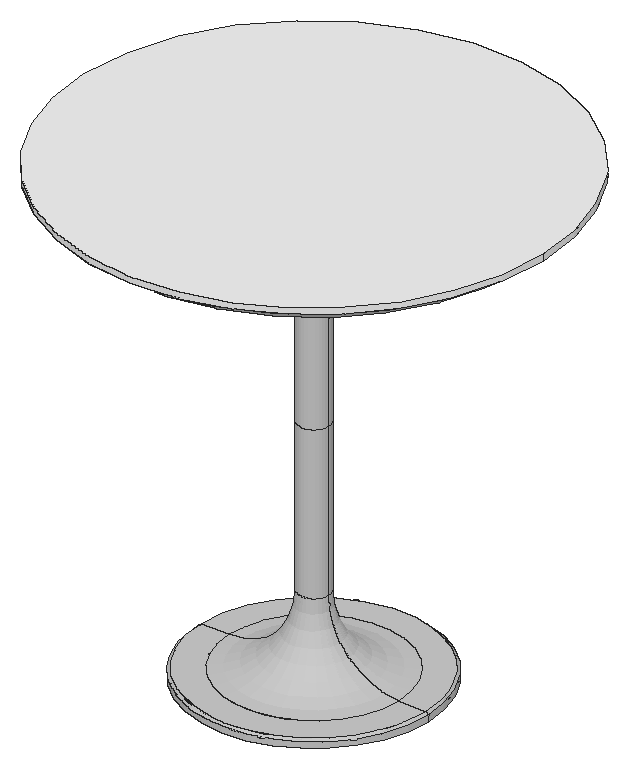
Revit family "FURN_Table_Saarinen", category Furniture, Revit 2024
Family settings
  Work Plane-Based = No
  Enable Cutting in Views = No
  Always vertical = Yes
  Cut with Voids When Loaded = No
  Render Appearance Source = Family Geometry
  Shared = No
  Room Calculation Point = No
Parameters (values of type "500x500")
  URL = ""
  Top Radius = 250 mm
  Top Finish = Default Stone
  Source = ""
  Model = ""
  Manufacturer = ""
  Height = 500 mm
  EA_Repath [instance] = 0 mm
  Default Elevation = 0 mm
  Bottom Radius = 125 mm
  Base Finish = Furniture - Saarinen Table - Base Finish
  Assembly Code = ""
Reference planes
  plane 1 "Center F/B (www.revitcomponents.com)": y = 0
  plane 2 "(www.revitcomponents.com)": z = 0
  plane 3 "Center L/R (www.revitcomponents.com)": x = 0
  plane 4 "Top Surface (www.revitcomponents.com)": z = 500
  plane 5: z = 250
Forms (mm)
  Extrusion 1, solid, material "Default Stone" <- "Top Finish"
    sketch origin (0, 0, 500) x (-1, 0, 0) y (0, -1, 0)
      loop
        circle (0, 0) r 250
    from 0 to -6.35
  Extrusion 2, solid, material "Furniture - Saarinen Table - Base Finish" <- "Base Finish"
    sketch origin (0, 0, 0) x (1, 0, 0) y (0, 1, 0)
      loop
        circle (0, 0) r 125
    from 0 to 6.35
  Revolve 3, solid, material "Furniture - Saarinen Table - Base Finish" <- "Base Finish"
    sketch origin (0, 0, 0) x (1, 0, 0) y (0, 0, 1)
      loop
        line (-229.595, 479.362) -> (-107.262, 479.362)
        arc (-107.262, 479.362) -> (-80.282, 474.426) -> (-56.797, 460.257) r 76.2
        line (-56.797, 460.257) -> (-41.61, 446.833)
        arc (-41.61, 446.833) -> (-22.606, 421.052) -> (-15.875, 389.739) r 76.2
        line (-15.875, 389.739) -> (-15.875, 250) -> (0, 250) -> (0, 493.65) -> (-250, 493.65) -> (-229.595, 479.362)
      axis (0, 493.65) -> (0, 250)
    angle from 0 to 360
  Revolve 4, solid, material "Furniture - Saarinen Table - Base Finish" <- "Base Finish"
    sketch origin (0, 0, 0) x (1, 0, 0) y (0, 0, 1)
      loop
        line (0, 6.35) -> (0, 250) -> (-15.875, 250) -> (-15.875, 85.113)
        arc (-15.875, 85.113) -> (-38.193, 31.231) -> (-92.075, 8.913) r 76.2
        line (-92.075, 8.913) -> (-122.437, 8.913) -> (-125, 6.35) -> (0, 6.35)
      axis (0, 6.35) -> (0, 250)
    angle from 0 to 360
Cuts and joins
  joined: Extrusion 2, Revolve 3, Revolve 4
Dimensions and locks
  "Height": plane 4 "Top Surface (www.revitcomponents.com)" to level
  locked: plane 4 "Top Surface (www.revitcomponents.com)" to Revolve 3 at 6.35
  "Top Radius": Revolve 3 sketch curve to Revolve 3 sketch curve
  "Bottom Radius": Revolve 4 sketch curve to Revolve 4 sketch curve
  equal spacing: plane 4 "Top Surface (www.revitcomponents.com)", plane 5, level
  "Top Radius": radius of Extrusion 1 sketch curve
  "Bottom Radius": radius of Extrusion 2 sketch curve
  aligned and locked: Revolve 3 sketch curve to Extrusion 1
  aligned and locked: Revolve 3 sketch curve to plane 3 "Center L/R (www.revitcomponents.com)"
  aligned and locked: plane 5 to Revolve 3 sketch curve
  aligned and locked: plane 5 to Revolve 4 sketch curve
  aligned and locked: Extrusion 2 to Revolve 4 sketch curve
Automatic sketch dimensions
  Extrusion 1 sketch curve to plane 1 "Center F/B (www.revitcomponents.com)" = 0 mm
  Extrusion 1 sketch curve to plane 3 "Center L/R (www.revitcomponents.com)" = 0 mm
  Extrusion 2 sketch curve to plane 1 "Center F/B (www.revitcomponents.com)" = 0 mm
  Extrusion 2 sketch curve to plane 3 "Center L/R (www.revitcomponents.com)" = 0 mm
  Revolve 3 sketch curve to level = 0 mm
  Revolve 3 sketch curve to plane 3 "Center L/R (www.revitcomponents.com)" = 0 mm
  Revolve 3 sketch curve to plane 4 "Top Surface (www.revitcomponents.com)" = 0 mm
  Revolve 3 sketch curve to Revolve 3 sketch curve = 20.405 mm
  Revolve 3 sketch curve to plane 3 "Center L/R (www.revitcomponents.com)" = 107.262 mm
  Revolve 3 sketch curve to Revolve 3 sketch curve = 15.187 mm  (x2)
  Revolve 3 sketch curve to plane 4 "Top Surface (www.revitcomponents.com)" = 39.743 mm
  Revolve 3 sketch curve to Revolve 3 sketch curve = 50.465 mm
  Revolve 3 sketch curve to plane 3 "Center L/R (www.revitcomponents.com)" = 15.875 mm
  Revolve 3 sketch curve to Revolve 3 sketch curve = 70.518 mm
  Revolve 3 sketch curve to Revolve 3 sketch curve = 13.424 mm
  Revolve 4 sketch curve to plane 3 "Center L/R (www.revitcomponents.com)" = 0 mm  (x2)
  Revolve 4 sketch curve to level = 0 mm
  Revolve 4 sketch curve to plane 5 = 0 mm
  Revolve 4 sketch curve to Revolve 4 sketch curve = 2.563 mm  (x2)
  Revolve 4 sketch curve to plane 3 "Center L/R (www.revitcomponents.com)" = 92.075 mm
  Revolve 4 sketch curve to plane 3 "Center L/R (www.revitcomponents.com)" = 15.875 mm
